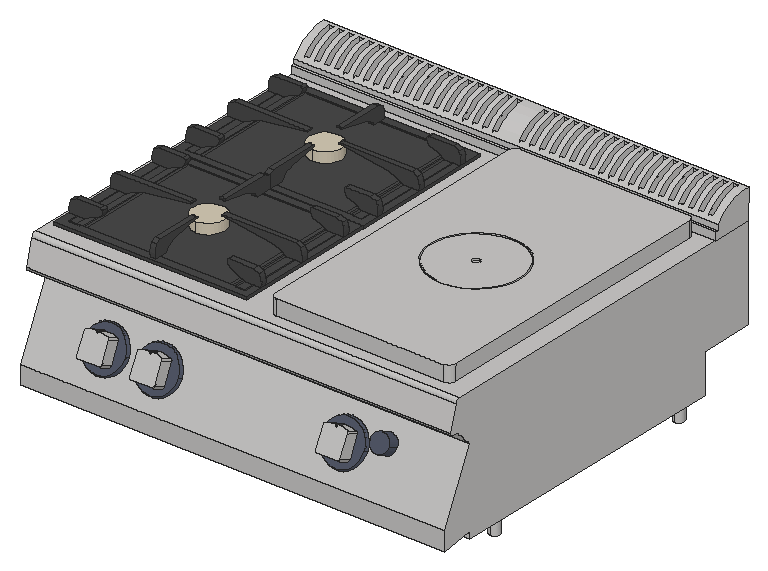
Revit family "QF_ZANUSSI_372011_Z7STGH3000", category Specialty Equipment, Revit 2018
Family settings
  Round Connector Dimension = Use Diameter
  Part Type = Normal
  Work Plane-Based = No
  Always vertical = Yes
  Cut with Voids When Loaded = No
  Shared = No
  Room Calculation Point = No
Parameters
  Width = 800 mm  # constant formula
  Weight in Pounds = 121  # constant formula
  Weight = 0.00 kg
  Watts = 0 W
  Volts = 0 V
  URL Manufacturer = "http://www.zanussiprofessional.com"
  URL Cutsheet = "www.electrolux.com"
  URL = "http://www.zanussiprofessional.com"
  Type Mark [instance] = ""
  Steam Supply Size = 0"
  Steam Supply Minimum Pressure = 0.00 psi
  Steam Supply Maximum Pressure = 0.00 psi
  Steam Pounds per Hour = 0
  Status [instance] = ""
  Specification by User [instance] = ""
  Specification by Manufacturer = ""
  Show Logo [instance] = yes
  Show Clearance [instance] = yes
  Serial Number = ""
  Seismic Rating = ""
  SMACNA No = ""
  Revision Code [instance] = ""
  Refrigeration Suction Line Size = 0"
  Refrigeration Liquid Line Size = 0"
  Refrigerant Compressor Remote = yes
  Phase = 0
  Omniclass Number and Title = ""
  NAFEM Spec ID Number = ""
  Model = "Z7STGH3000"
  Mechanical Remarks [instance] = ""
  Mechanical Connection Type [instance] = ""
  Masterspec = ""
  Manufacturer = "Zanussi"
  Length Actual = 800 mm  # constant formula
  Item Number [instance] = "372011"
  Installed By [instance] = ""
  Identify Quantity as Lot [instance] = yes
  Hot Water Size = 0"
  Height Actual = 250 mm  # constant formula
  Height = 250 mm  # constant formula
  HP = "0 HP"
  Gas Size = 1/2"  # constant formula
  Gas RI Height [instance] = 0 mm
  Gas KW [instance] = 14.6  # constant formula
  Gas Input [instance] = 49771.4 Btu/h  # constant formula
  Gas Connection Height = 0 mm
  Furnished By [instance] = ""
  Foodservice Equipment Identifier [instance] = yes
  Direct Waste Size = 0"
  Description = "GAS SOLID TOP + 2 BURNERS 800MM"
  Depth Actual = 700 mm  # constant formula
  Depth = 715 mm  # constant formula
  Cycle = 0 Hz
  Condensate Return Size = 0"
  Compressed Air Volume = 0 GPM
  Compressed Air Size = 0"
  Compressed Air Pressure = 0.00 psi
  Cold Water Size = 0"
  CSI MasterFormat = ""
  CSI Master Format = ""
  Assembly Code = ""
  Accessory = yes
Reference planes
  plane 1 "BACK": y = 0
  plane 2: z = 0
  plane 3 "LEFT": x = 0
  plane 4 "RIGHT": x = 800
  plane 5 "FRONT": y = -715
  plane 6 "TOP": z = 302.388
  plane 7 "Center Y": x = 400
  plane 8 "Center X": y = -357.5
  plane 9 "Base Height": z = 24
  plane 10: z = 274
  plane 11: z = 332
  plane 12 "panel": through (-6096, -654.982, 185.977) normal (0, -0.8956, 0.4448)
Forms (mm)
  Extrusion 1, solid, material "QF_Finishes_Stainless Steel"
    sketch origin (0, 0, 0) x (0, 1, 0) y (0, 0, 1)
      loop
        line (0, 98) -> (0, 274) -> (-679.358, 274)
        arc (-679.358, 274) -> (-684.643, 271.811) -> (-686.833, 266.526) r 7.474
        line (-686.833, 266.526) -> (-699.884, 221.011)
        arc (-699.884, 221.011) -> (-699.396, 218.379) -> (-697, 217.184) r 3
        line (-697, 217.184) -> (-686.802, 217.184) -> (-654.982, 185.364) -> (-715, 64.508) -> (-715, 29.508) -> (-658.645, 37.428)
        arc (-658.645, 37.428) -> (-656.101, 36.674) -> (-655, 34.259) r 3.2
        line (-655, 34.259) -> (-655, 24) -> (-103, 24) -> (-103, 98) -> (0, 98)
    from 0 to 800
  Extrusion 2, solid, material "QF_Finishes_Stainless Steel"
    sketch origin (0, 0, 0) x (0, 1, 0) y (0, 0, 1)
      loop
        line (0, 274) -> (0, 288.1) -> (-76.2, 288.1) -> (-76.2, 274) -> (0, 274)
    from 0 to 800
  Extrusion 3, solid, material "QF_Finishes_Stainless Steel"
    sketch origin (0, 0, 0) x (1, 0, 0) y (0, 1, 0)
      loop
        circle (11.112, -149.225) r 9.525
      loop
        circle (788.888, -149.225) r 9.525
      loop
        circle (11.112, -583.488) r 9.525
      loop
        circle (788.888, -583.488) r 9.525
    from 0 to 24
  Extrusion 4, solid, material "QF_Finishes_Stainless Steel"
    sketch origin (0, -103.188, 23.813) x (0, 0, 1) y (1, 0, 0)
      loop
        circle (36.7, 400) r 6.35
    from 0.188 to 26.988
  Extrusion 5, void
    sketch origin (34.989, 0, 288.925) x (-1, 0, 0) y (0, -1, 0)
      loop
        line (-335.017, 6.761) -> (-335.017, 63.911) -> (-344.313, 63.911) -> (-344.313, 6.761) -> (-335.017, 6.761)
      loop
        line (-316.325, 6.761) -> (-316.325, 63.911) -> (-325.62, 63.911) -> (-325.62, 6.761) -> (-316.325, 6.761)
      loop
        line (-297.632, 6.761) -> (-297.632, 63.911) -> (-306.928, 63.911) -> (-306.928, 6.761) -> (-297.632, 6.761)
      loop
        line (-278.94, 6.761) -> (-278.94, 63.911) -> (-288.235, 63.911) -> (-288.235, 6.761) -> (-278.94, 6.761)
      loop
        line (-260.247, 6.761) -> (-260.247, 63.911) -> (-269.543, 63.911) -> (-269.543, 6.761) -> (-260.247, 6.761)
      loop
        line (-241.554, 6.761) -> (-241.554, 63.911) -> (-250.85, 63.911) -> (-250.85, 6.761) -> (-241.554, 6.761)
      loop
        line (-222.862, 6.761) -> (-222.862, 63.911) -> (-232.157, 63.911) -> (-232.157, 6.761) -> (-222.862, 6.761)
      loop
        line (-204.169, 6.761) -> (-204.169, 63.911) -> (-213.465, 63.911) -> (-213.465, 6.761) -> (-204.169, 6.761)
      loop
        line (-185.476, 6.761) -> (-185.476, 63.911) -> (-194.772, 63.911) -> (-194.772, 6.761) -> (-185.476, 6.761)
      loop
        line (-166.784, 6.761) -> (-166.784, 63.911) -> (-176.08, 63.911) -> (-176.08, 6.761) -> (-166.784, 6.761)
      loop
        line (-148.091, 6.761) -> (-148.091, 63.911) -> (-157.387, 63.911) -> (-157.387, 6.761) -> (-148.091, 6.761)
      loop
        line (-129.399, 6.761) -> (-129.399, 63.911) -> (-138.694, 63.911) -> (-138.694, 6.761) -> (-129.399, 6.761)
      loop
        line (-110.706, 6.761) -> (-110.706, 63.911) -> (-120.002, 63.911) -> (-120.002, 6.761) -> (-110.706, 6.761)
      loop
        line (-92.013, 6.761) -> (-92.013, 63.911) -> (-101.309, 63.911) -> (-101.309, 6.761) -> (-92.013, 6.761)
      loop
        line (-73.321, 6.761) -> (-73.321, 63.911) -> (-82.617, 63.911) -> (-82.617, 6.761) -> (-73.321, 6.761)
      loop
        line (-54.628, 6.761) -> (-54.628, 63.911) -> (-63.924, 63.911) -> (-63.924, 6.761) -> (-54.628, 6.761)
      loop
        line (-35.936, 6.761) -> (-35.936, 63.911) -> (-45.231, 63.911) -> (-45.231, 6.761) -> (-35.936, 6.761)
      loop
        line (-17.243, 6.761) -> (-17.243, 63.911) -> (-26.539, 63.911) -> (-26.539, 6.761) -> (-17.243, 6.761)
      loop
        line (1.45, 6.761) -> (1.45, 63.911) -> (-7.846, 63.911) -> (-7.846, 6.761) -> (1.45, 6.761)
      loop
        line (20.142, 6.761) -> (20.142, 63.911) -> (10.846, 63.911) -> (10.846, 6.761) -> (20.142, 6.761)
      loop
        line (-395.005, 6.761) -> (-385.709, 6.761) -> (-385.709, 63.911) -> (-395.005, 63.911) -> (-395.005, 6.761)
      loop
        line (-413.697, 6.761) -> (-404.401, 6.761) -> (-404.401, 63.911) -> (-413.697, 63.911) -> (-413.697, 6.761)
      loop
        line (-432.39, 6.761) -> (-423.094, 6.761) -> (-423.094, 63.911) -> (-432.39, 63.911) -> (-432.39, 6.761)
      loop
        line (-451.082, 6.761) -> (-441.787, 6.761) -> (-441.787, 63.911) -> (-451.082, 63.911) -> (-451.082, 6.761)
      loop
        line (-469.775, 6.761) -> (-460.479, 6.761) -> (-460.479, 63.911) -> (-469.775, 63.911) -> (-469.775, 6.761)
      loop
        line (-488.468, 6.761) -> (-479.172, 6.761) -> (-479.172, 63.911) -> (-488.468, 63.911) -> (-488.468, 6.761)
      loop
        line (-507.16, 6.761) -> (-497.864, 6.761) -> (-497.864, 63.911) -> (-507.16, 63.911) -> (-507.16, 6.761)
      loop
        line (-525.853, 6.761) -> (-516.557, 6.761) -> (-516.557, 63.911) -> (-525.853, 63.911) -> (-525.853, 6.761)
      loop
        line (-544.545, 6.761) -> (-535.25, 6.761) -> (-535.25, 63.911) -> (-544.545, 63.911) -> (-544.545, 6.761)
      loop
        line (-563.238, 6.761) -> (-553.942, 6.761) -> (-553.942, 63.911) -> (-563.238, 63.911) -> (-563.238, 6.761)
      loop
        line (-581.931, 6.761) -> (-572.635, 6.761) -> (-572.635, 63.911) -> (-581.931, 63.911) -> (-581.931, 6.761)
      loop
        line (-600.623, 6.761) -> (-591.328, 6.761) -> (-591.328, 63.911) -> (-600.623, 63.911) -> (-600.623, 6.761)
      loop
        line (-619.316, 6.761) -> (-610.02, 6.761) -> (-610.02, 63.911) -> (-619.316, 63.911) -> (-619.316, 6.761)
      loop
        line (-638.008, 6.761) -> (-628.713, 6.761) -> (-628.713, 63.911) -> (-638.008, 63.911) -> (-638.008, 6.761)
      loop
        line (-656.701, 6.761) -> (-647.405, 6.761) -> (-647.405, 63.911) -> (-656.701, 63.911) -> (-656.701, 6.761)
      loop
        line (-675.394, 6.761) -> (-666.098, 6.761) -> (-666.098, 63.911) -> (-675.394, 63.911) -> (-675.394, 6.761)
      loop
        line (-694.086, 6.761) -> (-684.791, 6.761) -> (-684.791, 63.911) -> (-694.086, 63.911) -> (-694.086, 6.761)
      loop
        line (-712.779, 6.761) -> (-703.483, 6.761) -> (-703.483, 63.911) -> (-712.779, 63.911) -> (-712.779, 6.761)
      loop
        line (-731.472, 6.761) -> (-722.176, 6.761) -> (-722.176, 63.911) -> (-731.472, 63.911) -> (-731.472, 6.761)
      loop
        line (-750.164, 6.761) -> (-740.868, 6.761) -> (-740.868, 63.911) -> (-750.164, 63.911) -> (-750.164, 6.761)
    from 9.525 to 45.348
  Extrusion 6, solid, material "QF_Finishes_Stainless Steel"
    sketch origin (0, 0, 14.288) x (0, 1, 0) y (0, 0, 1)
      loop
        line (0, 273.813) -> (0, 317.712)
        arc (0, 317.712) -> (-39.115, 309.039) -> (-69.85, 283.337) r 84.578
        line (-69.85, 283.337) -> (-69.85, 273.813) -> (0, 273.813)
    from 0 to 800
  Extrusion 7, solid, material "QF_Finishes_Clearance", visible <- "Show Clearance", detail levels coarse
    sketch origin (0, 0, 0) x (1, 0, 0) y (0, 1, 0)
      loop
        line (0, -715) -> (0, 0) -> (800, 0) -> (800, -715) -> (950, -715) -> (950, 150) -> (-150, 150) -> (-150, -715) -> (0, -715)
    from 0 to 332
  Extrusion 8, solid, material "QF_Finishes_Stainless Steel"
    sketch origin (17.4, 0, 274.638) x (0, -1, 0) y (1, 0, 0)
      loop
        arc (82.3, 420.3) -> (86.02, 411.32) -> (95, 407.6) r 12.7
        line (95, 407.6) -> (644.6, 407.6)
        arc (644.6, 407.6) -> (653.58, 411.32) -> (657.3, 420.3) r 12.7
        line (657.3, 420.3) -> (657.3, 734.9)
        arc (657.3, 734.9) -> (653.58, 743.88) -> (644.6, 747.6) r 12.7
        line (644.6, 747.6) -> (95, 747.6)
        arc (95, 747.6) -> (86.02, 743.88) -> (82.3, 734.9) r 12.7
        line (82.3, 734.9) -> (82.3, 420.3)
      loop
        circle (384.8, 577.749) r 82.55
      loop
        circle (384.8, 577.749) r 7
      loop
        arc (341.893, 651.634) -> (302.246, 556.172) -> (383.476, 492.245) r 85.532
        arc (383.476, 492.245) -> (444.115, 516.637) -> (469.871, 576.709) r 85.614
        arc (469.871, 576.709) -> (427.693, 651.427) -> (341.893, 651.634) r 85.263
    from 0 to 28.575
  Extrusion 9, solid, material "QF_Finishes_Stainless Steel"
    sketch origin (195.13, 12.7, 274.638) x (0, -1, 0) y (1, 0, 0)
      loop
        circle (397.5, 400) r 7
    from 0 to 26.981
  Blend 10, solid, material "QF_Finishes_Navy Blue"
    base sketch origin (137.457, -684.991, 125.549) x (1, 0, 0) y (0, 0.444781, 0.895639)
      loop
        circle (0, 0) r 42.5
    top sketch origin (137.457, -684.991, 125.549) x (1, 0, 0) y (0, 0.444781, 0.895639)
      loop
        circle (0, 0) r 40.5
    from 0 to 5
  Extrusion 11, solid, material "QF_Finishes_Stainless Steel"
    sketch origin (137.457, -684.991, 125.549) x (1, 0, 0) y (0, 0.444781, 0.895639)
      loop
        arc (-21.147, 22.789) -> (-22.494, 21.685) -> (-23, 20.019) r 2.997
        line (-23, 20.019) -> (-23, -20.019)
        arc (-23, -20.019) -> (-22.122, -22.138) -> (-20.003, -23.016) r 2.997
        line (-20.003, -23.016) -> (20.003, -23.016)
        arc (20.003, -23.016) -> (22.122, -22.138) -> (23, -20.019) r 2.997
        line (23, -20.019) -> (23, 20.019)
        arc (23, 20.019) -> (22.494, 21.685) -> (21.147, 22.789) r 2.997
        arc (21.147, 22.789) -> (0, 26.984) -> (-21.147, 22.789) r 55.4
    from 10 to 34
  Extrusion 12, solid, material "QF_Plastic-Black-Matte"
    sketch origin (194.957, -684.991, 125.549) x (0, 0.444781, 0.895639) y (0, -0.895639, 0.444781)
      loop
        line (26.984, 34) -> (26.984, 19) -> (27.984, 19) -> (27.984, 34)
        arc (27.984, 34) -> (27.691, 34.707) -> (26.984, 35) r 1
        line (26.984, 35) -> (23.984, 35) -> (23.984, 34) -> (26.984, 34)
    from -58.5 to -56.5
  Extrusion 13, solid, material "QF_Finishes_Stainless Steel"
    sketch origin (137.457, -684.991, 125.549) x (1, 0, 0) y (0, 0.444781, 0.895639)
      loop
        line (17.5, 17.5) -> (-17.5, 17.5) -> (-17.5, -17.5) -> (17.5, -17.5) -> (17.5, 17.5)
    from 5 to 10
  Extrusion 14, solid, material "QF_Plastic-Black-Matte"
    sketch origin (179.957, -684.991, 125.549) x (0, 0.444781, 0.895639) y (0, 0.895639, -0.444781)
      loop
        line (26.984, -34) -> (23.984, -34) -> (23.984, -35) -> (26.984, -35)
        arc (26.984, -35) -> (27.691, -34.707) -> (27.984, -34) r 1
        line (27.984, -34) -> (27.984, -19) -> (26.984, -19) -> (26.984, -34)
    from -58.5 to -56.5
  Extrusion 15, solid, material "QF_Finishes_Stainless Steel"
    sketch origin (237.457, -684.991, 125.549) x (-1, 0, 0) y (0, -0.444781, -0.895639)
      loop
        line (17.5, -17.5) -> (17.5, 17.5) -> (-17.5, 17.5) -> (-17.5, -17.5) -> (17.5, -17.5)
    from 5 to 10
  Blend 16, solid, material "QF_Finishes_Navy Blue"
    base sketch origin (237.457, -684.991, 125.549) x (1, 0, 0) y (0, 0.444781, 0.895639)
      loop
        circle (0, 0) r 42.5
    top sketch origin (237.457, -684.991, 125.549) x (1, 0, 0) y (0, 0.444781, 0.895639)
      loop
        circle (0, 0) r 40.5
    from 0 to 5
  Extrusion 17, solid, material "QF_Finishes_Stainless Steel"
    sketch origin (237.457, -684.991, 125.549) x (-1, 0, 0) y (0, -0.444781, -0.895639)
      loop
        arc (-21.147, -22.789) -> (0, -26.984) -> (21.147, -22.789) r 55.4
        arc (21.147, -22.789) -> (22.494, -21.685) -> (23, -20.019) r 2.997
        line (23, -20.019) -> (23, 20.019)
        arc (23, 20.019) -> (22.122, 22.138) -> (20.003, 23.016) r 2.997
        line (20.003, 23.016) -> (-20.003, 23.016)
        arc (-20.003, 23.016) -> (-22.122, 22.138) -> (-23, 20.019) r 2.997
        line (-23, 20.019) -> (-23, -20.019)
        arc (-23, -20.019) -> (-22.494, -21.685) -> (-21.147, -22.789) r 2.997
    from 10 to 34
  Blend 18, solid, material "QF_Finishes_Navy Blue"
    base sketch origin (587.457, -684.991, 125.549) x (1, 0, 0) y (0, 0.444781, 0.895639)
      loop
        circle (0, 0) r 42.5
    top sketch origin (587.457, -684.991, 125.549) x (1, 0, 0) y (0, 0.444781, 0.895639)
      loop
        circle (0, 0) r 40.5
    from 0 to 5
  Extrusion 19, solid, material "QF_Finishes_Stainless Steel"
    sketch origin (587.457, -684.991, 125.549) x (1, 0, 0) y (0, 0.444781, 0.895639)
      loop
        arc (-21.147, 22.789) -> (-22.494, 21.685) -> (-23, 20.019) r 2.997
        line (-23, 20.019) -> (-23, -20.019)
        arc (-23, -20.019) -> (-22.122, -22.138) -> (-20.003, -23.016) r 2.997
        line (-20.003, -23.016) -> (20.003, -23.016)
        arc (20.003, -23.016) -> (22.122, -22.138) -> (23, -20.019) r 2.997
        line (23, -20.019) -> (23, 20.019)
        arc (23, 20.019) -> (22.494, 21.685) -> (21.147, 22.789) r 2.997
        arc (21.147, 22.789) -> (0, 26.984) -> (-21.147, 22.789) r 55.4
    from 10 to 34
  Extrusion 20, solid, material "QF_Plastic-Black-Matte"
    sketch origin (644.957, -684.991, 125.549) x (0, 0.444781, 0.895639) y (0, -0.895639, 0.444781)
      loop
        line (26.984, 34) -> (26.984, 19) -> (27.984, 19) -> (27.984, 34)
        arc (27.984, 34) -> (27.691, 34.707) -> (26.984, 35) r 1
        line (26.984, 35) -> (23.984, 35) -> (23.984, 34) -> (26.984, 34)
    from -58.5 to -56.5
  Extrusion 21, solid, material "QF_Finishes_Stainless Steel"
    sketch origin (587.457, -684.991, 125.549) x (1, 0, 0) y (0, 0.444781, 0.895639)
      loop
        line (17.5, 17.5) -> (-17.5, 17.5) -> (-17.5, -17.5) -> (17.5, -17.5) -> (17.5, 17.5)
    from 5 to 10
  Extrusion 22, solid, material "QF_Finishes_Navy Blue"
    sketch origin (717.184, -675.059, 145.549) x (1, 0, 0) y (0, 0.444781, 0.895639)
      loop
        circle (-55.001, 0) r 18
    from 3 to 23
  Extrusion 23, solid, material "QF_Finishes_Stainless Steel"
    sketch origin (578.183, -675.059, 145.549) x (1, 0, 0) y (0, 0.444781, 0.895639)
      loop
        circle (84, 0) r 15
    from 3 to 0
Cuts and joins
  Extrusion 5 cuts Extrusion 1
  Extrusion 5 cuts Extrusion 6
  joined: Extrusion 2, Extrusion 6
Lines and regions (mm)
  Split face 1
    outline origin (137.457, -689.469, 127.772) x (1, 0, 0) y (0, 0.444781, 0.895639)
      loop
        circle (-33, 0) r 3
  Split face 2
    outline origin (243.357, -689.469, 127.772) x (1, 0, 0) y (0, 0.444781, 0.895639)
      loop
        line (-8.901, 38.561) -> (-8.901, 28.561) -> (-2.901, 28.561) -> (-2.901, 38.561) -> (-8.901, 38.561)
  Split face 3
    outline origin (243.357, -689.469, 127.772) x (1, 0, 0) y (0, 0.444781, 0.895639)
      loop
        line (-8.401, 38.061) -> (-8.401, 29.061) -> (-3.401, 29.061) -> (-3.401, 38.061) -> (-8.401, 38.061)
  Split face 4
    outline origin (243.357, -689.469, 127.772) x (1, 0, 0) y (0, 0.444781, 0.895639)
      loop
        line (-8.401, 33.561) -> (-3.401, 33.561)
  Split face 5
    outline origin (243.357, -689.469, 127.772) x (1, 0, 0) y (0, 0.444781, 0.895639)
      loop
        line (-8.401, 33.061) -> (-3.401, 33.061)
  Split face 6
    outline origin (143.357, -689.469, 127.772) x (1, 0, 0) y (0, 0.444781, 0.895639)
      loop
        line (-8.901, 38.561) -> (-8.901, 28.561) -> (-2.901, 28.561) -> (-2.901, 38.561) -> (-8.901, 38.561)
  Split face 7
    outline origin (143.357, -689.469, 127.772) x (1, 0, 0) y (0, 0.444781, 0.895639)
      loop
        line (-8.401, 38.061) -> (-8.401, 29.061) -> (-3.401, 29.061) -> (-3.401, 38.061) -> (-8.401, 38.061)
  Split face 8
    outline origin (143.357, -689.469, 127.772) x (1, 0, 0) y (0, 0.444781, 0.895639)
      loop
        line (-8.401, 34.061) -> (-3.401, 34.061)
  Split face 9
    outline origin (143.357, -689.469, 127.772) x (1, 0, 0) y (0, 0.444781, 0.895639)
      loop
        line (-8.401, 33.561) -> (-3.401, 33.561)
  Split face 10
    outline origin (163.114, -675.159, 156.588) x (-1, 0, 0) y (0, -0.444781, -0.895639)
      loop
        circle (43.456, 61.543) r 1.5
  Split face 11
    outline origin (143.357, -689.469, 127.772) x (1, 0, 0) y (0, 0.444781, 0.895639)
      loop
        circle (-5.901, 31.311) r 2.029
  Split face 12
    outline origin (243.357, -689.469, 127.772) x (1, 0, 0) y (0, 0.444781, 0.895639)
      loop
        circle (-5.901, 35.811) r 2.031
  Split face 13
    outline origin (137.457, -689.469, 127.772) x (1, 0, 0) y (0, 0.444781, 0.895639)
      loop
        circle (-24.487, 26.694) r 3.497
  Split face 14
    outline origin (237.457, -689.469, 127.772) x (1, 0, 0) y (0, 0.444781, 0.895639)
      loop
        circle (-24.487, 26.694) r 3.497
  Split face 15
    outline origin (237.457, -689.469, 127.772) x (1, 0, 0) y (0, 0.444781, 0.895639)
      loop
        circle (-33, 0) r 3
  Split face 16
    outline origin (237.457, -689.469, 127.772) x (1, 0, 0) y (0, 0.444781, 0.895639)
      loop
        circle (-17.8, -29.371) r 1.5
  Split face 17
    outline origin (587.457, -689.469, 127.772) x (1, 0, 0) y (0, 0.444781, 0.895639)
      loop
        circle (-33, 0) r 3
  Split face 18
    outline origin (593.357, -689.469, 127.772) x (1, 0, 0) y (0, 0.444781, 0.895639)
      loop
        line (-8.901, 38.561) -> (-8.901, 28.561) -> (-2.901, 28.561) -> (-2.901, 38.561) -> (-8.901, 38.561)
  Split face 19
    outline origin (593.357, -689.469, 127.772) x (1, 0, 0) y (0, 0.444781, 0.895639)
      loop
        line (-8.401, 38.061) -> (-8.401, 29.061) -> (-3.401, 29.061) -> (-3.401, 38.061) -> (-8.401, 38.061)
  Split face 20
    outline origin (593.357, -689.469, 127.772) x (1, 0, 0) y (0, 0.444781, 0.895639)
      loop
        line (-8.401, 34.061) -> (-3.401, 34.061)
  Split face 21
    outline origin (593.357, -689.469, 127.772) x (1, 0, 0) y (0, 0.444781, 0.895639)
      loop
        line (-8.401, 33.561) -> (-3.401, 33.561)
  Split face 22
    outline origin (613.114, -675.159, 156.588) x (-1, 0, 0) y (0, -0.444781, -0.895639)
      loop
        circle (43.456, 61.543) r 1.5
  Split face 23
    outline origin (593.357, -689.469, 127.772) x (1, 0, 0) y (0, 0.444781, 0.895639)
      loop
        circle (-5.901, 31.311) r 2.029
  Split face 24
    outline origin (587.457, -689.469, 127.772) x (1, 0, 0) y (0, 0.444781, 0.895639)
      loop
        circle (-24.487, 26.694) r 3.497
  symbolic lines
    curve 1: line (0, 0, 0) -> (0, -715, 0)
    curve 2: line (800, 0, 0) -> (0, 0, 0)
    curve 3: line (800, -715, 0) -> (800, 0, 0)
    curve 4: line (0, -76.2, 0) -> (800, -76.2, 0)
    curve 5: line (0, -69.85, 0) -> (800, -69.85, 0)
    curve 6: line (14.847, -63.911, 0) -> (14.847, -6.761, 0)
    curve 7: line (14.847, -6.761, 0) -> (24.143, -6.761, 0)
    curve 8: line (24.143, -6.761, 0) -> (24.143, -63.911, 0)
    curve 9: line (24.143, -63.911, 0) -> (14.847, -63.911, 0)
    curve 10: line (33.539, -63.911, 0) -> (33.539, -6.761, 0)
    curve 11: line (33.539, -6.761, 0) -> (42.835, -6.761, 0)
    curve 12: line (42.835, -6.761, 0) -> (42.835, -63.911, 0)
    curve 13: line (42.835, -63.911, 0) -> (33.539, -63.911, 0)
    curve 14: line (52.232, -63.911, 0) -> (52.232, -6.761, 0)
    curve 15: line (52.232, -6.761, 0) -> (61.528, -6.761, 0)
    curve 16: line (61.528, -6.761, 0) -> (61.528, -63.911, 0)
    curve 17: line (61.528, -63.911, 0) -> (52.232, -63.911, 0)
    curve 18: line (70.925, -63.911, 0) -> (70.925, -6.761, 0)
    curve 19: line (70.925, -6.761, 0) -> (80.22, -6.761, 0)
    curve 20: line (80.22, -6.761, 0) -> (80.22, -63.911, 0)
    curve 21: line (80.22, -63.911, 0) -> (70.925, -63.911, 0)
    curve 22: line (89.617, -63.911, 0) -> (89.617, -6.761, 0)
    curve 23: line (89.617, -6.761, 0) -> (98.913, -6.761, 0)
    curve 24: line (98.913, -6.761, 0) -> (98.913, -63.911, 0)
    curve 25: line (98.913, -63.911, 0) -> (89.617, -63.911, 0)
    curve 26: line (108.31, -63.911, 0) -> (108.31, -6.761, 0)
    curve 27: line (108.31, -6.761, 0) -> (117.606, -6.761, 0)
    curve 28: line (117.606, -6.761, 0) -> (117.606, -63.911, 0)
    curve 29: line (117.606, -63.911, 0) -> (108.31, -63.911, 0)
    curve 30: line (127.002, -63.911, 0) -> (127.002, -6.761, 0)
    curve 31: line (127.002, -6.761, 0) -> (136.298, -6.761, 0)
    curve 32: line (136.298, -6.761, 0) -> (136.298, -63.911, 0)
    curve 33: line (136.298, -63.911, 0) -> (127.002, -63.911, 0)
    curve 34: line (145.695, -63.911, 0) -> (145.695, -6.761, 0)
    curve 35: line (145.695, -6.761, 0) -> (154.991, -6.761, 0)
    curve 36: line (154.991, -6.761, 0) -> (154.991, -63.911, 0)
    curve 37: line (154.991, -63.911, 0) -> (145.695, -63.911, 0)
    curve 38: line (164.388, -63.911, 0) -> (164.388, -6.761, 0)
    curve 39: line (164.388, -6.761, 0) -> (173.683, -6.761, 0)
    curve 40: line (173.683, -6.761, 0) -> (173.683, -63.911, 0)
    curve 41: line (173.683, -63.911, 0) -> (164.388, -63.911, 0)
    curve 42: line (183.08, -63.911, 0) -> (183.08, -6.761, 0)
    curve 43: line (183.08, -6.761, 0) -> (192.376, -6.761, 0)
    curve 44: line (192.376, -6.761, 0) -> (192.376, -63.911, 0)
    curve 45: line (192.376, -63.911, 0) -> (183.08, -63.911, 0)
    curve 46: line (201.773, -63.911, 0) -> (201.773, -6.761, 0)
    curve 47: line (201.773, -6.761, 0) -> (211.069, -6.761, 0)
    curve 48: line (211.069, -6.761, 0) -> (211.069, -63.911, 0)
    curve 49: line (211.069, -63.911, 0) -> (201.773, -63.911, 0)
    curve 50: line (220.466, -63.911, 0) -> (220.466, -6.761, 0)
    curve 51: line (220.466, -6.761, 0) -> (229.761, -6.761, 0)
    curve 52: line (229.761, -6.761, 0) -> (229.761, -63.911, 0)
    curve 53: line (229.761, -63.911, 0) -> (220.466, -63.911, 0)
    curve 54: line (239.158, -63.911, 0) -> (239.158, -6.761, 0)
    curve 55: line (239.158, -6.761, 0) -> (248.454, -6.761, 0)
    curve 56: line (248.454, -6.761, 0) -> (248.454, -63.911, 0)
    curve 57: line (248.454, -63.911, 0) -> (239.158, -63.911, 0)
    curve 58: line (420.698, -63.911, 0) -> (420.698, -6.761, 0)
    curve 59: line (420.698, -6.761, 0) -> (429.994, -6.761, 0)
    curve 60: line (429.994, -6.761, 0) -> (429.994, -63.911, 0)
    curve 61: line (429.994, -63.911, 0) -> (420.698, -63.911, 0)
    curve 62: line (370.006, -63.911, 0) -> (370.006, -6.761, 0)
    curve 63: line (370.006, -6.761, 0) -> (379.302, -6.761, 0)
    curve 64: line (379.302, -6.761, 0) -> (379.302, -63.911, 0)
    curve 65: line (379.302, -63.911, 0) -> (370.006, -63.911, 0)
    curve 66: line (351.314, -63.911, 0) -> (351.314, -6.761, 0)
    curve 67: line (351.314, -6.761, 0) -> (360.61, -6.761, 0)
    curve 68: line (360.61, -6.761, 0) -> (360.61, -63.911, 0)
    curve 69: line (360.61, -63.911, 0) -> (351.314, -63.911, 0)
    curve 70: line (332.621, -63.911, 0) -> (332.621, -6.761, 0)
    curve 71: line (332.621, -6.761, 0) -> (341.917, -6.761, 0)
    curve 72: line (341.917, -6.761, 0) -> (341.917, -63.911, 0)
    curve 73: line (341.917, -63.911, 0) -> (332.621, -63.911, 0)
    curve 74: line (313.929, -63.911, 0) -> (313.929, -6.761, 0)
    curve 75: line (313.929, -6.761, 0) -> (323.224, -6.761, 0)
    curve 76: line (323.224, -6.761, 0) -> (323.224, -63.911, 0)
    curve 77: line (323.224, -63.911, 0) -> (313.929, -63.911, 0)
    curve 78: line (295.236, -63.911, 0) -> (295.236, -6.761, 0)
    curve 79: line (295.236, -6.761, 0) -> (304.532, -6.761, 0)
    curve 80: line (304.532, -6.761, 0) -> (304.532, -63.911, 0)
    curve 81: line (304.532, -63.911, 0) -> (295.236, -63.911, 0)
    curve 82: line (276.543, -63.911, 0) -> (276.543, -6.761, 0)
    curve 83: line (276.543, -6.761, 0) -> (285.839, -6.761, 0)
    curve 84: line (285.839, -6.761, 0) -> (285.839, -63.911, 0)
    curve 85: line (285.839, -63.911, 0) -> (276.543, -63.911, 0)
    curve 86: line (257.851, -63.911, 0) -> (257.851, -6.761, 0)
    curve 87: line (257.851, -6.761, 0) -> (267.146, -6.761, 0)
    curve 88: line (267.146, -6.761, 0) -> (267.146, -63.911, 0)
    curve 89: line (267.146, -63.911, 0) -> (257.851, -63.911, 0)
    curve 90: line (439.39, -63.911, 0) -> (439.39, -6.761, 0)
    curve 91: line (439.39, -6.761, 0) -> (448.686, -6.761, 0)
    curve 92: line (448.686, -6.761, 0) -> (448.686, -63.911, 0)
    curve 93: line (448.686, -63.911, 0) -> (439.39, -63.911, 0)
    curve 94: line (458.083, -63.911, 0) -> (458.083, -6.761, 0)
    curve 95: line (458.083, -6.761, 0) -> (467.379, -6.761, 0)
    curve 96: line (467.379, -6.761, 0) -> (467.379, -63.911, 0)
    curve 97: line (467.379, -63.911, 0) -> (458.083, -63.911, 0)
    curve 98: line (476.776, -63.911, 0) -> (476.776, -6.761, 0)
    curve 99: line (476.776, -6.761, 0) -> (486.071, -6.761, 0)
    curve 100: line (486.071, -6.761, 0) -> (486.071, -63.911, 0)
    curve 101: line (486.071, -63.911, 0) -> (476.776, -63.911, 0)
    curve 102: line (495.468, -63.911, 0) -> (495.468, -6.761, 0)
    curve 103: line (495.468, -6.761, 0) -> (504.764, -6.761, 0)
    curve 104: line (504.764, -6.761, 0) -> (504.764, -63.911, 0)
    curve 105: line (504.764, -63.911, 0) -> (495.468, -63.911, 0)
    curve 106: line (514.161, -63.911, 0) -> (514.161, -6.761, 0)
    curve 107: line (514.161, -6.761, 0) -> (523.457, -6.761, 0)
    curve 108: line (523.457, -6.761, 0) -> (523.457, -63.911, 0)
    curve 109: line (523.457, -63.911, 0) -> (514.161, -63.911, 0)
    curve 110: line (532.854, -63.911, 0) -> (532.854, -6.761, 0)
    curve 111: line (532.854, -6.761, 0) -> (542.149, -6.761, 0)
    curve 112: line (542.149, -6.761, 0) -> (542.149, -63.911, 0)
    curve 113: line (542.149, -63.911, 0) -> (532.854, -63.911, 0)
    curve 114: line (551.546, -63.911, 0) -> (551.546, -6.761, 0)
    curve 115: line (551.546, -6.761, 0) -> (560.842, -6.761, 0)
    curve 116: line (560.842, -6.761, 0) -> (560.842, -63.911, 0)
    curve 117: line (560.842, -63.911, 0) -> (551.546, -63.911, 0)
    curve 118: line (570.239, -63.911, 0) -> (570.239, -6.761, 0)
    curve 119: line (570.239, -6.761, 0) -> (579.534, -6.761, 0)
    curve 120: line (579.534, -6.761, 0) -> (579.534, -63.911, 0)
    curve 121: line (579.534, -63.911, 0) -> (570.239, -63.911, 0)
    curve 122: line (588.931, -63.911, 0) -> (588.931, -6.761, 0)
    curve 123: line (588.931, -6.761, 0) -> (598.227, -6.761, 0)
    curve 124: line (598.227, -6.761, 0) -> (598.227, -63.911, 0)
    curve 125: line (598.227, -63.911, 0) -> (588.931, -63.911, 0)
    curve 126: line (607.624, -63.911, 0) -> (607.624, -6.761, 0)
    curve 127: line (607.624, -6.761, 0) -> (616.92, -6.761, 0)
    curve 128: line (616.92, -6.761, 0) -> (616.92, -63.911, 0)
    curve 129: line (616.92, -63.911, 0) -> (607.624, -63.911, 0)
    curve 130: line (626.317, -63.911, 0) -> (626.317, -6.761, 0)
    curve 131: line (626.317, -6.761, 0) -> (635.612, -6.761, 0)
    curve 132: line (635.612, -6.761, 0) -> (635.612, -63.911, 0)
    curve 133: line (635.612, -63.911, 0) -> (626.317, -63.911, 0)
    curve 134: line (645.009, -63.911, 0) -> (645.009, -6.761, 0)
    curve 135: line (645.009, -6.761, 0) -> (654.305, -6.761, 0)
    curve 136: line (654.305, -6.761, 0) -> (654.305, -63.911, 0)
    curve 137: line (654.305, -63.911, 0) -> (645.009, -63.911, 0)
    curve 138: line (663.702, -63.911, 0) -> (663.702, -6.761, 0)
    curve 139: line (663.702, -6.761, 0) -> (672.998, -6.761, 0)
    curve 140: line (672.998, -6.761, 0) -> (672.998, -63.911, 0)
    curve 141: line (672.998, -63.911, 0) -> (663.702, -63.911, 0)
    curve 142: line (682.394, -63.911, 0) -> (682.394, -6.761, 0)
    curve 143: line (682.394, -6.761, 0) -> (691.69, -6.761, 0)
    curve 144: line (691.69, -6.761, 0) -> (691.69, -63.911, 0)
    curve 145: line (691.69, -63.911, 0) -> (682.394, -63.911, 0)
    curve 146: line (701.087, -63.911, 0) -> (701.087, -6.761, 0)
    curve 147: line (701.087, -6.761, 0) -> (710.383, -6.761, 0)
    curve 148: line (710.383, -6.761, 0) -> (710.383, -63.911, 0)
    curve 149: line (710.383, -63.911, 0) -> (701.087, -63.911, 0)
    curve 150: line (719.78, -63.911, 0) -> (719.78, -6.761, 0)
    curve 151: line (719.78, -6.761, 0) -> (729.075, -6.761, 0)
    curve 152: line (729.075, -6.761, 0) -> (729.075, -63.911, 0)
    curve 153: line (729.075, -63.911, 0) -> (719.78, -63.911, 0)
    curve 154: line (738.472, -63.911, 0) -> (738.472, -6.761, 0)
    curve 155: line (738.472, -6.761, 0) -> (747.768, -6.761, 0)
    curve 156: line (747.768, -6.761, 0) -> (747.768, -63.911, 0)
    curve 157: line (747.768, -63.911, 0) -> (738.472, -63.911, 0)
    curve 158: line (757.165, -63.911, 0) -> (757.165, -6.761, 0)
    curve 159: line (757.165, -6.761, 0) -> (766.461, -6.761, 0)
    curve 160: line (766.461, -6.761, 0) -> (766.461, -63.911, 0)
    curve 161: line (766.461, -63.911, 0) -> (757.165, -63.911, 0)
    curve 162: line (775.857, -63.911, 0) -> (775.857, -6.761, 0)
    curve 163: line (775.857, -6.761, 0) -> (785.153, -6.761, 0)
    curve 164: line (785.153, -6.761, 0) -> (785.153, -63.911, 0)
    curve 165: line (785.153, -63.911, 0) -> (775.857, -63.911, 0)
    curve 169: line (425, -95, 150) -> (425, -644.6, 150)
    curve 170: arc (425, -644.6, 150) -> (428.72, -653.58, 150) -> (437.7, -657.3, 150) r 12.7
    curve 171: line (437.7, -657.3, 150) -> (752.3, -657.3, 150)
    curve 172: arc (605.747, -469.59, 150) -> (538.963, -449.18, 150) -> (509.704, -385.772, 150) r 85.45
    curve 173: line (752.3, -82.3, 150) -> (437.7, -82.3, 150)
    curve 174: arc (437.7, -82.3, 150) -> (428.72, -86.02, 150) -> (425, -95, 150) r 12.7
    curve 175: line (765, -644.6, 150) -> (765, -95, 150)
    curve 176: arc (765, -95, 150) -> (761.28, -86.02, 150) -> (752.3, -82.3, 150) r 12.7
    curve 177: arc (603.714, -299.78, 150) -> (657.92, -326.821, 150) -> (680.58, -382.999, 150) r 85.45
    curve 178: arc (752.3, -657.3, 150) -> (761.28, -653.58, 150) -> (765, -644.6, 150) r 12.7
    curve 179: arc (595.149, -302.25, 150) -> (512.599, -384.8, 150) -> (595.149, -467.35, 150) r 82.55
    curve 180: arc (595.149, -467.35, 150) -> (677.699, -384.8, 150) -> (595.149, -302.25, 150) r 82.55
    curve 181: arc (595.149, -377.8, 150) -> (602.149, -384.8, 150) -> (595.149, -391.8, 150) r 7
    curve 182: arc (595.149, -391.8, 150) -> (588.149, -384.8, 150) -> (595.149, -377.8, 150) r 7
    curve 183: line (425, -382.999, 150) -> (509.718, -382.999, 150)
    curve 184: line (425, -385.772, 150) -> (509.704, -385.772, 150)
    curve 185: line (680.593, -385.772, 150) -> (765, -385.772, 150)
    curve 186: line (680.58, -382.999, 150) -> (765, -382.999, 150)
    curve 187: arc (509.718, -382.999, 150) -> (538.506, -320.821, 150) -> (603.714, -299.78, 150) r 85.45
    curve 188: arc (680.593, -385.772, 150) -> (658.886, -441.715, 150) -> (605.747, -469.59, 150) r 85.45
    curve 189: line (0, -700, 0) -> (800, -700, 0)
    curve 190: line (114.457, -700, 0) -> (114.457, -724.347, 0)
    curve 191: arc (114.457, -724.347, 0) -> (114.603, -724.811, 0) -> (114.989, -725.107, 0) r 0.809
    curve 192: arc (114.989, -725.107, 0) -> (116.177, -725.587, 0) -> (117.454, -725.68, 0) r 4.127
    curve 193: arc (114.457, -704.292, 0) -> (109.416, -702.458, 0) -> (104.648, -700, 0) r 42.24
    curve 194: arc (114.457, -706.539, 0) -> (114.959, -705.818, 0) -> (115.756, -705.448, 0) r 1.682
    curve 195: arc (115.756, -705.448, 0) -> (126.059, -703.95, 0) -> (136.457, -703.441, 0) r 109.079
    curve 196: line (136.457, -700, 0) -> (136.457, -705.671, 0)
    curve 197: line (136.457, -705.671, 0) -> (138.457, -705.671, 0)
    curve 198: line (138.457, -705.671, 0) -> (138.457, -700, 0)
    curve 199: line (160.457, -700, 0) -> (160.457, -724.347, 0)
    curve 200: arc (160.457, -724.347, 0) -> (160.311, -724.811, 0) -> (159.925, -725.107, 0) r 0.809
    curve 201: arc (159.925, -725.107, 0) -> (158.737, -725.587, 0) -> (157.459, -725.68, 0) r 4.127
    curve 202: arc (160.457, -704.292, 0) -> (165.498, -702.458, 0) -> (170.266, -700, 0) r 42.24
    curve 203: arc (160.457, -706.539, 0) -> (159.955, -705.818, 0) -> (159.157, -705.448, 0) r 1.682
    curve 204: arc (159.157, -705.448, 0) -> (148.855, -703.95, 0) -> (138.457, -703.441, 0) r 109.079
    curve 205: line (117.454, -725.68, 0) -> (157.459, -725.68, 0)
    curve 206: line (260.457, -700, 0) -> (260.457, -724.347, 0)
    curve 207: arc (260.457, -724.347, 0) -> (260.311, -724.811, 0) -> (259.925, -725.107, 0) r 0.809
    curve 208: arc (259.925, -725.107, 0) -> (258.737, -725.587, 0) -> (257.459, -725.68, 0) r 4.127
    curve 209: arc (260.457, -704.292, 0) -> (265.498, -702.458, 0) -> (270.266, -700, 0) r 42.24
    curve 210: arc (260.457, -706.539, 0) -> (259.955, -705.818, 0) -> (259.157, -705.448, 0) r 1.682
    curve 211: arc (259.157, -705.448, 0) -> (248.855, -703.95, 0) -> (238.457, -703.441, 0) r 109.079
    curve 212: line (238.457, -700, 0) -> (238.457, -705.671, 0)
    curve 213: line (238.457, -705.671, 0) -> (236.457, -705.671, 0)
    curve 214: line (236.457, -705.671, 0) -> (236.457, -700, 0)
    curve 215: line (214.457, -700, 0) -> (214.457, -724.347, 0)
    curve 216: arc (214.457, -724.347, 0) -> (214.603, -724.811, 0) -> (214.989, -725.107, 0) r 0.809
    curve 217: arc (214.989, -725.107, 0) -> (216.177, -725.587, 0) -> (217.454, -725.68, 0) r 4.127
    curve 218: arc (214.457, -704.292, 0) -> (209.416, -702.458, 0) -> (204.648, -700, 0) r 42.24
    curve 219: arc (214.457, -706.539, 0) -> (214.959, -705.818, 0) -> (215.756, -705.448, 0) r 1.682
    curve 220: arc (215.756, -705.448, 0) -> (226.059, -703.95, 0) -> (236.457, -703.441, 0) r 109.079
    curve 221: line (257.459, -725.68, 0) -> (217.454, -725.68, 0)
    curve 222: line (160.457, -715, 0) -> (214.457, -715, 0)
    curve 223: line (260.457, -715, 0) -> (564.457, -715, 0)
    curve 224: line (0, -715, 0) -> (114.457, -715, 0)
    curve 225: line (610.457, -700, 0) -> (610.457, -724.347, 0)
    curve 226: arc (610.457, -724.347, 0) -> (610.311, -724.811, 0) -> (609.925, -725.107, 0) r 0.809
    curve 227: arc (609.925, -725.107, 0) -> (608.737, -725.587, 0) -> (607.459, -725.68, 0) r 4.127
    curve 228: arc (610.457, -704.292, 0) -> (615.498, -702.458, 0) -> (620.266, -700, 0) r 42.24
    curve 229: arc (610.457, -706.539, 0) -> (609.955, -705.818, 0) -> (609.157, -705.448, 0) r 1.682
    curve 230: arc (609.157, -705.448, 0) -> (598.855, -703.95, 0) -> (588.457, -703.441, 0) r 109.079
    curve 231: line (588.457, -700, 0) -> (588.457, -705.671, 0)
    curve 232: line (588.457, -705.671, 0) -> (586.457, -705.671, 0)
    curve 233: line (586.457, -705.671, 0) -> (586.457, -700, 0)
    curve 234: line (564.457, -700, 0) -> (564.457, -724.347, 0)
    curve 235: arc (564.457, -724.347, 0) -> (564.603, -724.811, 0) -> (564.989, -725.107, 0) r 0.809
    curve 236: arc (564.989, -725.107, 0) -> (566.177, -725.587, 0) -> (567.454, -725.68, 0) r 4.127
    curve 237: arc (564.457, -704.292, 0) -> (559.416, -702.458, 0) -> (554.648, -700, 0) r 42.24
    curve 238: arc (564.457, -706.539, 0) -> (564.959, -705.818, 0) -> (565.756, -705.448, 0) r 1.682
    curve 239: arc (565.756, -705.448, 0) -> (576.059, -703.95, 0) -> (586.457, -703.441, 0) r 109.079
    curve 240: line (607.459, -725.68, 0) -> (567.454, -725.68, 0)
    curve 241: spline (647.059, -700, 0) -> (648.883, -701.053, 0) -> (651.074, -701.958, 0) -> (653.572, -702.689, 0) -> (656.307, -703.226, 0) -> (659.204, -703.554, 0) -> (662.183, -703.665, 0) -> (665.162, -703.554, 0) -> (668.059, -703.226, 0) -> (670.794, -702.689, 0) -> (673.291, -701.958, 0) -> (675.482, -701.053, 0) -> (677.306, -700, 0)
    curve 242: line (610.457, -715, 0) -> (800, -715, 0)
  symbolic lines, style "QF-Clearances", visible <- "Show Clearance", detail levels coarse
    curve 166: line (-150, -715, 0) -> (-150, 150, 0)
    curve 167: line (-150, 150, 0) -> (950, 150, 0)
    curve 168: line (950, 150, 0) -> (950, -715, 0)
Dimensions and locks
  equal spacing: plane 3 "LEFT", plane 7 "Center Y", plane 4 "RIGHT"
  "Width": plane 3 "LEFT" to plane 4 "RIGHT"
  equal spacing: plane 5 "FRONT", plane 8 "Center X", plane 1 "BACK"
  "Depth": plane 5 "FRONT" to plane 1 "BACK"
  plane 9 "Base Height" to level = 24 mm
  "Height": plane 10 to plane 9 "Base Height"
  plane 6 "TOP" to plane 10 = 28.388 mm
  plane 11 to level = 332 mm
  aligned and locked: level to plane 2
Automatic sketch dimensions
  Extrusion 2 sketch curve to plane 10 = 0 mm
  Extrusion 2 sketch curve to plane 1 "BACK" = 0 mm
  Extrusion 2 sketch curve to plane 6 "TOP" = 14.287 mm
  plane 1 "BACK" to Extrusion 2 sketch curve = 76.2 mm
  Extrusion 3 sketch curve to Extrusion 3 sketch curve = 0 mm  (x8)
  plane 3 "LEFT" to Extrusion 3 sketch curve = 11.112 mm  (x2)
  Extrusion 3 sketch curve to plane 4 "RIGHT" = 11.112 mm  (x2)
  Extrusion 3 sketch curve to plane 5 "FRONT" = 121.987 mm  (x2)
  Extrusion 3 sketch curve to Extrusion 3 sketch curve = 9.525 mm  (x4)
  plane 1 "BACK" to Extrusion 3 sketch curve = 158.75 mm  (x2)
  Extrusion 5 sketch curve to plane 4 "RIGHT" = 14.847 mm
  Extrusion 5 sketch curve to Extrusion 5 sketch curve = 9.296 mm  (x40)
  Extrusion 5 sketch curve to Extrusion 5 sketch curve = 9.397 mm  (x38)
  Extrusion 5 sketch curve to plane 7 "Center Y" = 20.698 mm
  plane 1 "BACK" to Extrusion 5 sketch curve = 6.761 mm  (x40)
  Extrusion 5 sketch curve to Extrusion 5 sketch curve = 57.15 mm  (x2)
  Extrusion 5 sketch curve to Extrusion 5 sketch curve = 0 mm  (x38)
  Extrusion 6 sketch curve to plane 1 "BACK" = 0 mm
  Extrusion 6 sketch curve to plane 11 = 0 mm
  plane 1 "BACK" to Extrusion 6 sketch curve = 1.769 mm
  Extrusion 6 sketch curve to plane 6 "TOP" = 4.763 mm
  plane 1 "BACK" to Extrusion 6 sketch curve = 69.85 mm
  Extrusion 6 sketch curve to plane 6 "TOP" = 14.287 mm
  plane 5 "FRONT" to Extrusion 7 sketch curve = 0 mm  (x2)
  plane 1 "BACK" to Extrusion 7 sketch curve = 0 mm
  Extrusion 7 sketch curve to plane 3 "LEFT" = 0 mm
  Extrusion 7 sketch curve to plane 4 "RIGHT" = 0 mm
  Extrusion 7 sketch curve to plane 3 "LEFT" = 150 mm
  plane 4 "RIGHT" to Extrusion 7 sketch curve = 150 mm
  Extrusion 7 sketch curve to plane 1 "BACK" = 150 mm
  curve 172 to curve 177 = 0 mm  (x3)
  curve 172 to curve 179 = 0 mm  (x3)
  curve 172 to curve 181 = 0 mm  (x2)
  curve 172 to curve 187 = 0 mm  (x3)
  curve 180 to curve 181 = 0 mm  (x2)
  curve 187 to curve 188 = 0 mm  (x3)
  curve 188 to plane 8 "Center X" = 28.272 mm
  curve 185 to curve 188 = 84.407 mm
  curve 188 to curve 177 = 0.013 mm
  curve 185 to curve 172 = 74.847 mm
  plane 8 "Center X" to curve 177 = 57.72 mm
  curve 186 to curve 177 = 76.866 mm
  curve 177 to plane 8 "Center X" = 27.3 mm
  curve 185 to curve 177 = 85.444 mm
  curve 187 to plane 8 "Center X" = 25.499 mm
  curve 183 to curve 184 = 0.013 mm
  plane 7 "Center Y" to curve 170 = 37.7 mm
  plane 7 "Center Y" to curve 174 = 37.7 mm
  plane 7 "Center Y" to curve 183 = 25 mm
  plane 1 "BACK" to curve 169 = 95 mm
  curve 187 to curve 179 = 2.47 mm
  curve 182 to curve 181 = 7 mm
  curve 178 to plane 5 "FRONT" = 70.4 mm
  Extrusion 8 sketch curve to Extrusion 8 sketch curve = 0 mm  (x3)
  plane 1 "BACK" to Extrusion 8 sketch curve = 82.3 mm
  Extrusion 8 sketch curve to Extrusion 8 sketch curve = 12.7 mm  (x3)
  plane 8 "Center X" to Extrusion 8 sketch curve = 15.607 mm
  Extrusion 8 sketch curve to plane 8 "Center X" = 25.976 mm
  Extrusion 8 sketch curve to plane 8 "Center X" = 26.765 mm
  Extrusion 8 sketch curve to Extrusion 8 sketch curve = 0.351 mm
  Extrusion 8 sketch curve to Extrusion 8 sketch curve = 0.184 mm
  Extrusion 8 sketch curve to Extrusion 8 sketch curve = 0.207 mm
  Extrusion 8 sketch curve to Extrusion 8 sketch curve = 84.864 mm
  Extrusion 8 sketch curve to plane 5 "FRONT" = 70.4 mm  (x2)
  Extrusion 8 sketch curve to Extrusion 8 sketch curve = 73.777 mm
  Extrusion 8 sketch curve to Extrusion 8 sketch curve = 0.01 mm
  Extrusion 8 sketch curve to Extrusion 8 sketch curve = 0.014 mm
  plane 7 "Center Y" to Extrusion 8 sketch curve = 37.7 mm
  Extrusion 9 sketch curve to plane 8 "Center X" = 20.3 mm
  Extrusion 9 sketch curve to Extrusion 9 sketch curve = 7 mm
  curve 172 to curve 180 = 0 mm
  curve 172 to curve 182 = 0 mm
  curve 172 to curve 188 = 0 mm
  curve 177 to curve 179 = 0 mm
  curve 177 to curve 180 = 0 mm
  curve 177 to curve 181 = 0 mm
  curve 177 to curve 182 = 0 mm
  curve 177 to curve 187 = 0 mm
  curve 177 to curve 188 = 0 mm
  curve 179 to curve 180 = 0 mm
  curve 179 to curve 181 = 0 mm
  curve 179 to curve 182 = 0 mm
  curve 179 to curve 187 = 0 mm
  curve 179 to curve 188 = 0 mm
  curve 180 to curve 182 = 0 mm
  curve 180 to curve 187 = 0 mm
  curve 180 to curve 188 = 0 mm
  curve 181 to curve 182 = 0 mm
  curve 181 to curve 187 = 0 mm
  curve 181 to curve 188 = 0 mm
  curve 182 to curve 187 = 0 mm
  curve 182 to curve 188 = 0 mm
  curve 172 to curve 184 = 84.704 mm
  curve 175 to curve 178 = 12.7 mm
  curve 176 to curve 173 = 12.7 mm
  plane 7 "Center Y" to Extrusion 8 sketch curve = 109.645 mm
  Extrusion 8 sketch curve to plane 4 "RIGHT" = 47.7 mm
  Extrusion 9 sketch curve to Extrusion 9 sketch curve = 0 mm
  plane 7 "Center Y" to Extrusion 9 sketch curve = 195.13 mm
  Extrusion 4 sketch curve to plane 7 "Center Y" = 0 mm
  plane 9 "Base Height" to Extrusion 4 sketch curve = 36.512 mm
  Blend 10 sketch curve to plane 7 "Center Y" = 262.543 mm  (x2)
  Extrusion 11 sketch curve to plane 7 "Center Y" = 285.543 mm
  Extrusion 11 sketch curve to Extrusion 11 sketch curve = 2.997 mm  (x3)
  Extrusion 11 sketch curve to Extrusion 11 sketch curve = 20.003 mm  (x2)
  Extrusion 11 sketch curve to plane 7 "Center Y" = 242.541 mm
  Extrusion 11 sketch curve to Extrusion 11 sketch curve = 5.399 mm
  Extrusion 11 sketch curve to Extrusion 11 sketch curve = 40.037 mm
  Extrusion 11 sketch curve to Extrusion 11 sketch curve = 0 mm  (x2)
  plane 12 "panel" to Extrusion 12 sketch curve = 35 mm
  Extrusion 12 sketch curve to plane 5 "FRONT" = 9.329 mm
  Extrusion 12 sketch curve to Extrusion 12 sketch curve = 3 mm
  Extrusion 12 sketch curve to Extrusion 12 sketch curve = 0 mm  (x2)
  Extrusion 12 sketch curve to Extrusion 12 sketch curve = 1 mm
  Extrusion 12 sketch curve to Extrusion 12 sketch curve = 15 mm
  Extrusion 13 sketch curve to plane 7 "Center Y" = 280.043 mm
  Extrusion 13 sketch curve to Extrusion 13 sketch curve = 35 mm  (x2)
  plane 12 "panel" to Extrusion 14 sketch curve = 35 mm
  Extrusion 14 sketch curve to plane 5 "FRONT" = 9.329 mm
  Extrusion 14 sketch curve to Extrusion 14 sketch curve = 3 mm
  Extrusion 14 sketch curve to Extrusion 14 sketch curve = 0 mm
  Extrusion 14 sketch curve to Extrusion 14 sketch curve = 1 mm  (x2)
  Extrusion 14 sketch curve to Extrusion 14 sketch curve = 15 mm
  Extrusion 15 sketch curve to plane 7 "Center Y" = 145.043 mm
  Extrusion 15 sketch curve to Extrusion 15 sketch curve = 35 mm  (x2)
  Blend 16 sketch curve to plane 7 "Center Y" = 162.543 mm  (x2)
  Extrusion 17 sketch curve to plane 7 "Center Y" = 139.543 mm
  Extrusion 17 sketch curve to Extrusion 17 sketch curve = 2.997 mm  (x3)
  Extrusion 17 sketch curve to Extrusion 17 sketch curve = 20.003 mm  (x2)
  Extrusion 17 sketch curve to plane 7 "Center Y" = 182.546 mm
  Extrusion 17 sketch curve to Extrusion 17 sketch curve = 0 mm  (x2)
  Extrusion 17 sketch curve to Extrusion 17 sketch curve = 40.037 mm
  Extrusion 17 sketch curve to Extrusion 17 sketch curve = 5.399 mm
  Split face 2 sketch curve to Split face 2 sketch curve = 6 mm
  Split face 2 sketch curve to Split face 2 sketch curve = 10 mm
  Split face 3 sketch curve to Split face 3 sketch curve = 5 mm
  Split face 3 sketch curve to Split face 3 sketch curve = 9 mm
  Split face 4 sketch curve to Split face 4 sketch curve = 5 mm
  Split face 5 sketch curve to Split face 5 sketch curve = 5 mm
  Split face 6 sketch curve to Split face 6 sketch curve = 6 mm
  Split face 6 sketch curve to Split face 6 sketch curve = 10 mm
  Split face 7 sketch curve to Split face 7 sketch curve = 5 mm
  Split face 7 sketch curve to Split face 7 sketch curve = 9 mm
  Split face 8 sketch curve to Split face 8 sketch curve = 5 mm
  Split face 9 sketch curve to Split face 9 sketch curve = 5 mm
  Blend 18 sketch curve to plane 4 "RIGHT" = 212.543 mm  (x2)
  Extrusion 19 sketch curve to plane 4 "RIGHT" = 235.543 mm
  Extrusion 19 sketch curve to Extrusion 19 sketch curve = 2.997 mm  (x3)
  Extrusion 19 sketch curve to Extrusion 19 sketch curve = 20.003 mm  (x2)
  Extrusion 19 sketch curve to Extrusion 19 sketch curve = 40.005 mm
  Extrusion 19 sketch curve to Extrusion 19 sketch curve = 5.399 mm
  Extrusion 19 sketch curve to Extrusion 19 sketch curve = 40.037 mm
  Extrusion 19 sketch curve to Extrusion 19 sketch curve = 0 mm  (x2)
  plane 12 "panel" to Extrusion 20 sketch curve = 35 mm
  Extrusion 20 sketch curve to plane 5 "FRONT" = 9.329 mm
  Extrusion 20 sketch curve to Extrusion 20 sketch curve = 3 mm
  Extrusion 20 sketch curve to Extrusion 20 sketch curve = 0 mm  (x2)
  Extrusion 20 sketch curve to Extrusion 20 sketch curve = 1 mm
  Extrusion 20 sketch curve to Extrusion 20 sketch curve = 15 mm
  Extrusion 21 sketch curve to plane 4 "RIGHT" = 230.043 mm
  Extrusion 21 sketch curve to Extrusion 21 sketch curve = 35 mm  (x2)
  Split face 18 sketch curve to Split face 18 sketch curve = 6 mm
  Split face 18 sketch curve to Split face 18 sketch curve = 10 mm
  Split face 19 sketch curve to Split face 19 sketch curve = 5 mm
  Split face 19 sketch curve to Split face 19 sketch curve = 9 mm
  Split face 20 sketch curve to Split face 20 sketch curve = 5 mm
  Split face 21 sketch curve to Split face 21 sketch curve = 5 mm
  Extrusion 22 sketch curve to plane 4 "RIGHT" = 137.817 mm
  Extrusion 23 sketch curve to plane 4 "RIGHT" = 137.817 mm
  plane 5 "FRONT" to curve 166 = 0 mm
  plane 1 "BACK" to curve 2 = 0 mm
  curve 2 to plane 3 "LEFT" = 0 mm
  plane 5 "FRONT" to curve 224 = 0 mm
  plane 5 "FRONT" to curve 222 = 0 mm
  plane 5 "FRONT" to curve 223 = 0 mm
  plane 5 "FRONT" to curve 242 = 0 mm
  curve 242 to plane 4 "RIGHT" = 0 mm
  plane 5 "FRONT" to curve 168 = 0 mm
  curve 167 to plane 3 "LEFT" = 150 mm
  plane 1 "BACK" to curve 6 = 6.761 mm
  plane 3 "LEFT" to curve 6 = 14.847 mm
  curve 6 to curve 8 = 9.296 mm
  curve 7 to curve 10 = 9.397 mm
  curve 10 to curve 12 = 9.296 mm
  curve 11 to curve 14 = 9.397 mm
  curve 14 to curve 16 = 9.296 mm
  curve 16 to curve 18 = 9.397 mm
  curve 18 to curve 20 = 9.296 mm
  curve 19 to curve 22 = 9.397 mm
  curve 22 to curve 24 = 9.296 mm
  curve 23 to curve 27 = 9.397 mm
  plane 5 "FRONT" to curve 190 = 9.347 mm
  plane 3 "LEFT" to curve 190 = 114.457 mm
  curve 191 to curve 191 = 0.809 mm
  curve 194 to curve 194 = 1.583 mm
  curve 191 to curve 192 = 1.846 mm
  curve 191 to curve 205 = 2.189 mm
  curve 26 to curve 28 = 9.296 mm
  curve 190 to curve 193 = 11.892 mm
  curve 27 to curve 30 = 9.397 mm
  curve 30 to curve 32 = 9.296 mm
  curve 196 to plane 5 "FRONT" = 9.329 mm
  curve 194 to curve 196 = 20.417 mm
  curve 192 to curve 195 = 19.134 mm
  curve 195 to curve 204 = 1.738 mm
  curve 196 to curve 198 = 2 mm
  curve 31 to curve 35 = 9.397 mm
  curve 193 to curve 202 = 22.215 mm
  curve 34 to curve 35 = 9.296 mm
  curve 197 to curve 205 = 19.003 mm
  curve 205 to curve 201 = 0.343 mm
  curve 201 to curve 203 = 1.071 mm
  curve 205 to curve 200 = 2.189 mm
  curve 200 to curve 199 = 0.809 mm
  curve 35 to curve 39 = 9.397 mm
  curve 38 to curve 39 = 9.296 mm
  curve 40 to curve 45 = 9.397 mm
  curve 42 to curve 43 = 9.296 mm
  curve 43 to curve 47 = 9.397 mm
  curve 46 to curve 48 = 9.296 mm
  plane 5 "FRONT" to curve 215 = 9.347 mm
  curve 199 to curve 215 = 54 mm
  curve 216 to curve 216 = 0.809 mm
  curve 219 to curve 219 = 1.583 mm
  curve 216 to curve 217 = 1.846 mm
  curve 216 to curve 221 = 2.189 mm
  curve 47 to curve 51 = 9.397 mm
  curve 215 to curve 218 = 11.892 mm
  curve 50 to curve 52 = 9.296 mm
  curve 214 to plane 5 "FRONT" = 9.329 mm
  curve 219 to curve 214 = 20.417 mm
  curve 217 to curve 220 = 19.134 mm
  curve 220 to curve 211 = 1.738 mm
  curve 213 to curve 212 = 2 mm
  curve 51 to curve 55 = 9.397 mm
  curve 54 to curve 55 = 9.296 mm
  curve 218 to curve 209 = 22.215 mm
  curve 212 to curve 221 = 19.003 mm
  curve 208 to curve 208 = 0.343 mm
  curve 55 to curve 87 = 9.397 mm
  curve 208 to curve 210 = 1.071 mm
  curve 208 to curve 207 = 2.189 mm
  curve 207 to curve 206 = 0.809 mm
  curve 86 to curve 88 = 9.296 mm
  curve 87 to curve 82 = 9.397 mm
  curve 82 to curve 83 = 9.296 mm
  curve 83 to curve 78 = 9.397 mm
  curve 78 to curve 81 = 9.296 mm
  curve 79 to curve 74 = 9.397 mm
  curve 74 to curve 76 = 9.296 mm
  curve 75 to curve 70 = 9.397 mm
  curve 70 to curve 72 = 9.296 mm
  curve 72 to curve 69 = 9.397 mm
  curve 66 to curve 68 = 9.296 mm
  curve 67 to curve 63 = 9.397 mm
  curve 62 to curve 65 = 9.296 mm
  plane 1 "BACK" to curve 58 = 6.761 mm
  plane 7 "Center Y" to curve 58 = 20.698 mm
  curve 58 to curve 60 = 9.296 mm
  curve 60 to curve 93 = 9.397 mm
  curve 90 to curve 92 = 9.296 mm
  curve 91 to curve 94 = 9.397 mm
  curve 94 to curve 96 = 9.296 mm
  curve 96 to curve 101 = 9.397 mm
  curve 98 to curve 100 = 9.296 mm
  curve 100 to curve 102 = 9.397 mm
  curve 102 to curve 105 = 9.296 mm
  curve 104 to curve 106 = 9.397 mm
  curve 106 to curve 107 = 9.296 mm
  curve 107 to curve 110 = 9.397 mm
  curve 110 to curve 111 = 9.296 mm
  curve 112 to curve 114 = 9.397 mm
  curve 114 to curve 116 = 9.296 mm
  plane 5 "FRONT" to curve 234 = 9.347 mm
  plane 7 "Center Y" to curve 234 = 164.457 mm
  curve 235 to curve 235 = 0.809 mm
  curve 238 to curve 238 = 1.583 mm
  curve 235 to curve 236 = 1.846 mm
  curve 235 to curve 240 = 2.189 mm
  curve 116 to curve 118 = 9.397 mm
  curve 234 to curve 237 = 11.892 mm
  curve 118 to curve 120 = 9.296 mm
  curve 233 to plane 5 "FRONT" = 9.329 mm
  curve 238 to curve 233 = 20.417 mm
  curve 236 to curve 239 = 19.134 mm
  curve 239 to curve 230 = 1.738 mm
  curve 232 to curve 231 = 2 mm
  curve 119 to curve 122 = 9.397 mm
  curve 122 to curve 125 = 9.296 mm
  curve 237 to curve 228 = 22.215 mm
  curve 231 to curve 240 = 19.003 mm
  curve 124 to curve 126 = 9.397 mm
  curve 227 to curve 227 = 0.343 mm
  curve 227 to curve 229 = 1.071 mm
  curve 227 to curve 226 = 2.189 mm
  curve 226 to curve 225 = 0.809 mm
  curve 126 to curve 128 = 9.296 mm
  curve 128 to curve 130 = 9.397 mm
  curve 130 to curve 131 = 9.296 mm
  curve 132 to curve 137 = 9.397 mm
  curve 134 to curve 136 = 9.296 mm
  curve 135 to curve 138 = 9.397 mm
  curve 138 to curve 140 = 9.296 mm
  curve 139 to curve 143 = 9.397 mm
  curve 142 to curve 145 = 9.296 mm
  curve 143 to curve 146 = 9.397 mm
  curve 146 to curve 149 = 9.296 mm
  curve 148 to curve 150 = 9.397 mm
  curve 150 to curve 153 = 9.296 mm
  curve 151 to curve 154 = 9.397 mm
  curve 154 to curve 157 = 9.296 mm
  curve 155 to curve 159 = 9.397 mm
  curve 158 to curve 160 = 9.296 mm
  curve 160 to curve 165 = 9.397 mm
  curve 162 to curve 164 = 9.296 mm
  plane 4 "RIGHT" to curve 168 = 150 mm
  curve 221 to curve 216 = 1.333 mm
  plane 5 "FRONT" to curve 205 = 10.68 mm
  curve 240 to curve 235 = 1.333 mm
  curve 239 to curve 236 = 86.839 mm
  curve 204 to curve 201 = 86.839 mm
  curve 195 to curve 204 = 0 mm
  curve 220 to curve 217 = 86.839 mm
  curve 220 to curve 211 = 0 mm
  curve 239 to curve 230 = 0 mm
  curve 205 to curve 200 = 1.333 mm
  curve 227 to curve 226 = 1.333 mm
  curve 208 to curve 207 = 1.333 mm
  curve 207 to curve 208 = 2.779 mm
  curve 235 to curve 236 = 2.779 mm
  curve 191 to curve 192 = 2.779 mm
  curve 200 to curve 201 = 2.779 mm
  curve 216 to curve 217 = 2.779 mm
  curve 226 to curve 227 = 2.779 mm
  curve 210 to plane 5 "FRONT" = 7.894 mm
  curve 203 to plane 5 "FRONT" = 7.894 mm
  curve 238 to plane 5 "FRONT" = 7.894 mm
  curve 194 to plane 5 "FRONT" = 7.894 mm
  curve 229 to plane 5 "FRONT" = 7.894 mm
  curve 219 to plane 5 "FRONT" = 7.894 mm
  curve 196 to curve 193 = 41.91 mm
  curve 193 to curve 202 = 0 mm
  curve 232 to curve 237 = 41.91 mm
  curve 212 to curve 209 = 41.91 mm
  curve 218 to curve 209 = 0 mm
  curve 237 to curve 228 = 0 mm
